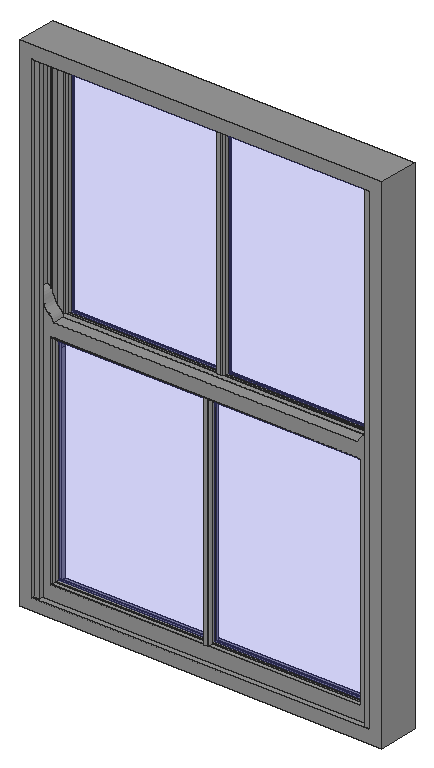
Revit family "HMEL5V", category Windows, host Wall, Revit 2015
Parameters (values of type "HMEL5V")
  Height = 1750 mm
  Default Lintel Height = 2100 mm
  Wall Closure = By host
  Width = 1250 mm
Reference planes
  plane 1 "Center (Front/Back)": y = 0
  plane 2 "Center (Left/Right)": x = 0
  plane 3 "Left": x = -625
  plane 4 "Right": x = 625
  plane 5 "Sill": z = 350
  plane 6 "Head": z = 2100
  plane 7 "Exterior": y = 100
  plane 8 "Interior": y = -100
  plane 9: y = -28.5
  plane 10: y = 23.5
  plane 11: z = 1225
  plane 12: z = 1253.5
  plane 13: z = 1196.5
Forms (mm)
  Sweep 1, solid, material "Lauan, Meranti"
    path origin (-10500, 23.5, 2100) x (0, 0, -1) y (-1, 0, 0)
      loop
        line (0, -11125) -> (1750, -11125) -> (1750, -9875) -> (0, -9875) -> (0, -11125)
    profile origin (0, 23.5, 2100) x (0, 0, 1) y (0, 1, 0)
      loop
        line (0, 46.5) -> (-42, 46.5) -> (-42, -93.5) -> (0, -93.5) -> (0, 46.5)
  Extrusion 2, solid, material "Lauan, Meranti"
    sketch origin (-10450, 7.5, 1687.5) x (0, 0, -1) y (-1, 0, 0)
      loop
        line (491, -10976) -> (491, -11033) -> (576, -11033)
        spline (576, -11033) -> (568.022, -11020.331) -> (558.494, -11013.581) -> (548.752, -11010.386) -> (540.116, -11008.399) -> (533.202, -11006.197) -> (527.644, -11003.636) -> (523.005, -11000.669) -> (518.783, -10997.149) -> (514.297, -10992.644) -> (508.83, -10986.691) -> (501.472, -10980.147) -> (491, -10976)
      loop
        spline (491, -9924) -> (501.472, -9919.853) -> (508.83, -9913.309) -> (514.297, -9907.356) -> (518.783, -9902.851) -> (523.005, -9899.331) -> (527.644, -9896.364) -> (533.202, -9893.803) -> (540.116, -9891.601) -> (548.752, -9889.614) -> (558.494, -9886.419) -> (568.022, -9879.669) -> (576, -9867)
        line (576, -9867) -> (491, -9867) -> (491, -9924)
    from 0 to 42
  Extrusion 3, solid, material "Lauan, Meranti"
    sketch origin (-10450, -49.5, 762.5) x (0, 0, 1) y (1, 0, 0)
      loop
        spline (491, 10976) -> (501.472, 10980.147) -> (508.83, 10986.691) -> (514.297, 10992.644) -> (518.783, 10997.149) -> (523.005, 11000.669) -> (527.644, 11003.636) -> (533.202, 11006.197) -> (540.116, 11008.399) -> (548.752, 11010.386) -> (558.494, 11013.581) -> (568.022, 11020.331) -> (576, 11033)
        line (576, 11033) -> (491, 11033) -> (491, 10976)
      loop
        line (491, 9924) -> (491, 9867) -> (576, 9867)
        spline (576, 9867) -> (568.022, 9879.669) -> (558.494, 9886.419) -> (548.752, 9889.614) -> (540.116, 9891.601) -> (533.202, 9893.803) -> (527.644, 9896.364) -> (523.005, 9899.331) -> (518.783, 9902.851) -> (514.297, 9907.356) -> (508.83, 9913.309) -> (501.472, 9919.853) -> (491, 9924)
    from 0 to 42
  Extrusion 4, solid, material "Lauan, Meranti"
    sketch origin (-350, 0, -425) x (0, -1, 0) y (0, 0, 1)
      loop
        line (7.5, 1678.5) -> (-7.5, 1678.5) -> (-7.5, 1659.5) -> (-4.5, 1659.5) -> (-4.5, 1656.5) -> (7.5, 1656.5) -> (7.5, 1672) -> (0.5, 1672) -> (0.5, 1675) -> (7.5, 1675) -> (7.5, 1678.5)
    from 211 to -911
  Sweep 5, solid, material "Lauan, Meranti"
    path origin (-10573.682, 31, 1966.635) x (0, 0, -1) y (-1, 0, 0)
      loop
        line (-91.365, -11156.682) -> (770.135, -11156.682) -> (770.135, -9990.682) -> (-91.365, -9990.682) -> (-91.365, -11156.682)
    profile origin (0, 31, 2058) x (0, 0, 1) y (0, 1, 0)
      loop
        line (-48, 18.5) -> (-48, -6.5) -> (-57, -6.5) -> (-57, -14.499) -> (-53.996, -14.499)
        arc (-53.996, -14.499) -> (-52.238, -18.744) -> (-47.994, -20.502) r 6.002
        line (-47.994, -20.502) -> (-47.994, -23.5) -> (0, -23.5) -> (0, 18.5) -> (-48, 18.5)
  Sweep 6, solid, material "Lauan, Meranti"
    path origin (-10580.679, 16, 1764.851) x (0, 0, -1) y (-1, 0, 0)
      loop
        line (511.351, -11163.679) -> (1372.851, -11163.679) -> (1372.851, -9997.679) -> (511.351, -9997.679) -> (511.351, -11163.679)
    profile origin (0, 16, 1253.5) x (0, 0, 1) y (0, 1, 0)
      loop
        line (0, -65.5) -> (0, -23.5) -> (-48, -23.5) -> (-48, -48.5) -> (-57, -48.5) -> (-57, -56.499) -> (-53.996, -56.499)
        arc (-53.996, -56.499) -> (-52.238, -60.744) -> (-47.994, -62.502) r 6.002
        line (-47.994, -62.502) -> (-47.994, -65.5) -> (0, -65.5)
  Extrusion 7, solid, material "Lauan, Meranti"
    sketch origin (0, -31, -878.798) x (1, 0, 0) y (0, 1, 0)
      loop
        line (-6.5, 23.5) -> (-6.5, -1.5) -> (-15.5, -1.5) -> (-15.5, -9.5) -> (-12.5, -9.5)
        arc (-12.5, -9.5) -> (-10.743, -13.743) -> (-6.5, -15.5) r 6
        line (-6.5, -15.5) -> (-6.5, -18.5) -> (6.5, -18.5) -> (6.5, -15.5)
        arc (6.5, -15.5) -> (10.743, -13.743) -> (12.5, -9.5) r 6
        line (12.5, -9.5) -> (15.5, -9.5) -> (15.5, -1.5) -> (6.5, -1.5) -> (6.5, 23.5) -> (-6.5, 23.5)
    from 1318.792 to 2084.304
  Extrusion 8, solid, material "Lauan, Meranti"
    sketch origin (0, 26, 224.162) x (1, 0, 0) y (0, 1, 0)
      loop
        line (-6.5, 23.5) -> (-6.5, -1.5) -> (-15.5, -1.5) -> (-15.5, -9.5) -> (-12.5, -9.5)
        arc (-12.5, -9.5) -> (-10.743, -13.743) -> (-6.5, -15.5) r 6
        line (-6.5, -15.5) -> (-6.5, -18.5) -> (6.5, -18.5) -> (6.5, -15.5)
        arc (6.5, -15.5) -> (10.743, -13.743) -> (12.5, -9.5) r 6
        line (12.5, -9.5) -> (15.5, -9.5) -> (15.5, -1.5) -> (6.5, -1.5) -> (6.5, 23.5) -> (-6.5, 23.5)
    from 1020.338 to 1785.838
  Extrusion 9, solid, material "Lauan, Meranti"
    sketch origin (-4.429, 187.242, 731.33) x (1, 0, 0) y (0, 1, 0)
      loop
        line (565.429, -194.742) -> (568.929, -194.742) -> (568.929, -187.742) -> (571.929, -187.742) -> (571.929, -194.742) -> (587.429, -194.742) -> (587.429, -182.742) -> (584.429, -182.742) -> (584.429, -179.742) -> (565.429, -179.742) -> (565.429, -194.742)
      loop
        line (565.429, -236.742) -> (565.429, -251.742) -> (584.429, -251.742) -> (584.429, -248.742) -> (587.429, -248.742) -> (587.429, -236.742) -> (571.929, -236.742) -> (571.929, -243.742) -> (568.929, -243.742) -> (568.929, -236.742) -> (565.429, -236.742)
      loop
        line (-556.571, -194.742) -> (-556.571, -179.742) -> (-575.571, -179.742) -> (-575.571, -182.742) -> (-578.571, -182.742) -> (-578.571, -194.742) -> (-563.071, -194.742) -> (-563.071, -187.742) -> (-560.071, -187.742) -> (-560.071, -194.742) -> (-556.571, -194.742)
      loop
        line (-556.571, -236.742) -> (-560.071, -236.742) -> (-560.071, -243.742) -> (-563.071, -243.742) -> (-563.071, -236.742) -> (-578.571, -236.742) -> (-578.571, -248.742) -> (-575.571, -248.742) -> (-575.571, -251.742) -> (-556.571, -251.742) -> (-556.571, -236.742)
    from -339.33 to 1326.67
  Sweep 10, solid, material "Lauan, Meranti"
    path origin (62.387, 92.5, -1011.794) x (1, 0, 0) y (0, 0, 1)
      loop
        line (472.613, 2217.3) -> (-55.887, 2217.3) -> (-55.887, 1451.787) -> (472.613, 1451.787) -> (472.613, 2217.3)
    profile origin (270.75, 92.5, 1205.506) x (0, 0, -1) y (0, -1, 0)
      loop
        arc (0, 110.6) -> (4.67, 112.234) -> (7, 116.6) r 6.807
        line (7, 116.6) -> (9, 116.6) -> (9, 118.6) -> (0, 118.6) -> (0, 110.6)
  Sweep 11, solid, material "Lauan, Meranti"
    path origin (-123.498, 107.5, -533.619) x (1, 0, 0) y (0, 0, 1)
      loop
        line (658.498, 2543.619) -> (129.998, 2543.619) -> (129.998, 1778.119) -> (658.498, 1778.119) -> (658.498, 2543.619)
    profile origin (270.75, 107.5, 2010) x (0, 0, -1) y (0, -1, 0)
      loop
        arc (0, 68.6) -> (4.67, 70.234) -> (7, 74.6) r 6.807
        line (7, 74.6) -> (9, 74.6) -> (9, 76.6) -> (0, 76.6) -> (0, 68.6)
  Extrusion 12, solid, material "Glass"
    sketch origin (-10784.413, -32.5, 1290.188) x (0, 0, -1) y (-1, 0, 0)
      loop
        line (84.682, -11319.42) -> (850.195, -11319.42) -> (850.195, -10790.913) -> (84.682, -10790.913) -> (84.682, -11319.42)
      loop
        line (84.682, -10777.913) -> (850.195, -10777.913) -> (850.195, -10249.407) -> (84.682, -10249.407) -> (84.682, -10777.913)
    from 0 to 6.4
  Extrusion 13, solid, material "Glass"
    sketch origin (-10707.76, 24.5, 1854.156) x (0, 0, -1) y (-1, 0, 0)
      loop
        line (-155.844, -11242.76) -> (609.656, -11242.76) -> (609.656, -10714.26) -> (-155.844, -10714.26) -> (-155.844, -11242.76)
      loop
        line (-155.844, -10701.26) -> (609.656, -10701.26) -> (609.656, -10172.76) -> (-155.844, -10172.76) -> (-155.844, -10701.26)
    from 0 to 6.4
  Sweep 14, solid, material "Lauan, Meranti"
    path origin (-62.387, 92.5, -1011.794) x (-1, 0, 0) y (0, 0, -1)
      loop
        line (472.613, -2217.3) -> (472.613, -1451.787) -> (-55.887, -1451.787) -> (-55.887, -2217.3) -> (472.613, -2217.3)
    profile origin (-270.75, 92.5, 1205.506) x (0, 0, 1) y (0, -1, 0)
      loop
        line (0, 110.6) -> (0, 118.6) -> (-9, 118.6) -> (-9, 116.6) -> (-7, 116.6)
        arc (-7, 116.6) -> (-4.67, 112.234) -> (0, 110.6) r 6.807
  Sweep 15, solid, material "Lauan, Meranti"
    path origin (123.498, 107.5, -533.619) x (-1, 0, 0) y (0, 0, -1)
      loop
        line (658.498, -2543.619) -> (658.498, -1778.119) -> (129.998, -1778.119) -> (129.998, -2543.619) -> (658.498, -2543.619)
    profile origin (-270.75, 107.5, 2010) x (0, 0, 1) y (0, -1, 0)
      loop
        line (0, 68.6) -> (0, 76.6) -> (-9, 76.6) -> (-9, 74.6) -> (-7, 74.6)
        arc (-7, 74.6) -> (-4.67, 70.234) -> (0, 68.6) r 6.807
Cuts and joins
  joined: Extrusion 2, Sweep 5
  joined: Extrusion 3, Sweep 6
Lines and regions (mm)
  Opening 1
    outline origin (3500, -100, 0) x (1, 0, 0) y (0, 0, 1)
      loop
        line (-2875, 350) -> (-2875, 2100) -> (-4125, 2100) -> (-4125, 350) -> (-2875, 350)
  model lines
    curve 1: line (583, 49.5, 2058) -> (0, 49.5, 1196.5)
    curve 2: line (-583, 49.5, 2058) -> (0, 49.5, 1196.5)
    curve 3: line (-313.25, -7.5, 557.422) -> (-313.25, -7.5, 957.422)
    curve 4: line (-313.25, -7.5, 1096.5) -> (-257.059, -7.5, 957.422)
    curve 5: line (-257.059, -7.5, 957.422) -> (-369.441, -7.5, 957.422)
    curve 6: line (-313.25, -7.5, 1096.5) -> (-369.441, -7.5, 957.422)
Text (mm)
  text "EXTERIOR" at (-1963.203, 1332.353, 0), in view "Ref. Level"
  text "INTERIOR" at (-1981.466, -818.386, 0), in view "Ref. Level"
  text "Exterior" at (0, 923.751, 2943.296), in view "Right"
  text "Exterior" at (0, 1040.484, 2685.409), in view "Left"
Dimensions and locks
  equal spacing: plane 3 "Left", plane 2 "Center (Left/Right)", plane 4 "Right"
  "Width": plane 3 "Left" to plane 4 "Right"
  "Height": plane 5 "Sill" to plane 6 "Head"
  "Default Lintel Height": plane 6 "Head" to level
  locked: plane 7 "Exterior" to host wall at 0
  locked: plane 8 "Interior" to host wall
  locked: plane 10 to plane 9 at 52
  plane 3 "Left" to plane 4 "Right" = 1250 mm
  aligned and locked: Sweep 1 sketch curve to host wall  (x4)
  aligned and locked: Sweep 6 sketch curve to Sweep 1  (x2)
  aligned and locked: Sweep 6 sketch curve to plane 12
  aligned and locked: Sweep 1 to Sweep 6 sketch curve
  aligned and locked: Extrusion 9 to Sweep 1  (x2)
  aligned and locked: Extrusion 7 to Sweep 6  (x2)
  aligned and locked: Extrusion 12 sketch curve to Extrusion 12 sketch curve  (x2)
  aligned and locked: Sweep 10 sketch curve to Sweep 6  (x3)
  aligned and locked: Sweep 10 sketch curve to Extrusion 7
  aligned and locked: Extrusion 12 to Sweep 6  (x4)
  aligned and locked: Extrusion 12 to Extrusion 7  (x2)
  aligned and locked: Sweep 5 sketch curve to plane 13
  aligned and locked: Sweep 1 to Sweep 5 sketch curve
  aligned and locked: Sweep 5 sketch curve to Sweep 1  (x2)
  aligned and locked: Extrusion 8 to Sweep 5  (x2)
  aligned and locked: Sweep 11 sketch curve to Sweep 5  (x3)
  aligned and locked: Sweep 11 sketch curve to Extrusion 8
  aligned and locked: Extrusion 13 to Sweep 5  (x3)
  aligned and locked: Extrusion 13 sketch curve to Extrusion 13 sketch curve
  aligned and locked: Extrusion 13 sketch curve to Sweep 5  (x2)
  aligned and locked: Extrusion 13 sketch curve to Extrusion 8  (x2)
Automatic sketch dimensions
  plane 3 "Left" to Opening 1 sketch curve = 0 mm
  plane 4 "Right" to Opening 1 sketch curve = 0 mm
  Opening 1 sketch curve to plane 5 "Sill" = 0 mm
  Opening 1 sketch curve to plane 6 "Head" = 0 mm
  profile plane to Sweep 1 sketch curve = 0 mm
  profile plane to Sweep 1 sketch curve = 42 mm
  Sweep 1 sketch curve to plane 10 = 93.5 mm
  plane 10 to Sweep 1 sketch curve = 46.5 mm
  plane 2 "Center (Left/Right)" to curve 1 = 0 mm
  curve 1 to plane 13 = 0 mm
  curve 2 to plane 3 "Left" = 42 mm
  plane 4 "Right" to curve 1 = 42 mm
  plane 6 "Head" to curve 2 = 42 mm
  plane 6 "Head" to curve 1 = 42 mm
  plane 13 to curve 4 = 100 mm
  curve 4 to curve 4 = 139.078 mm
  curve 6 to plane 3 "Left" = 255.559 mm
  curve 5 to curve 4 = 56.191 mm
  curve 5 to curve 5 = 112.382 mm
  curve 3 to plane 5 "Sill" = 207.422 mm
  curve 3 to curve 4 = 56.191 mm
  Extrusion 2 sketch curve to plane 13 = 0 mm  (x2)
  Extrusion 2 sketch curve to plane 3 "Left" = 42 mm
  Extrusion 2 sketch curve to Extrusion 2 sketch curve = 85 mm  (x2)
  plane 4 "Right" to Extrusion 2 sketch curve = 42 mm
  Extrusion 2 sketch curve to Extrusion 2 sketch curve = 57 mm  (x2)
  Extrusion 3 sketch curve to plane 12 = 0 mm  (x2)
  Extrusion 3 sketch curve to plane 3 "Left" = 42 mm
  plane 12 to Extrusion 3 sketch curve = 85 mm  (x2)
  plane 4 "Right" to Extrusion 3 sketch curve = 42 mm
  Extrusion 3 sketch curve to Extrusion 3 sketch curve = 57 mm  (x2)
  Extrusion 4 sketch curve to plane 12 = 0 mm
  Extrusion 4 sketch curve to host wall = 7.5 mm
  Extrusion 4 sketch curve to Extrusion 4 sketch curve = 3 mm  (x2)
  host wall to Extrusion 4 sketch curve = 0.5 mm
  Extrusion 4 sketch curve to Extrusion 4 sketch curve = 7 mm
  host wall to Extrusion 4 sketch curve = 7.5 mm
  Extrusion 4 sketch curve to plane 12 = 3.5 mm
  plane 11 to Extrusion 4 sketch curve = 9.5 mm
  plane 11 to Extrusion 4 sketch curve = 6.5 mm
  profile plane to Sweep 5 sketch curve = 0 mm
  Sweep 5 sketch curve to profile plane = 23.5 mm
  profile plane to Sweep 5 sketch curve = 47.994 mm
  Sweep 5 sketch curve to Sweep 5 sketch curve = 0.006 mm
  Sweep 5 sketch curve to Sweep 5 sketch curve = 6.002 mm
  Sweep 5 sketch curve to Sweep 5 sketch curve = 3.004 mm
  Sweep 5 sketch curve to Sweep 5 sketch curve = 2.998 mm
  Sweep 5 sketch curve to profile plane = 6.5 mm
  profile plane to Sweep 5 sketch curve = 18.5 mm
  profile plane to Sweep 6 sketch curve = 0 mm
  profile plane to Sweep 6 sketch curve = 47.994 mm
  Sweep 6 sketch curve to Sweep 6 sketch curve = 0.006 mm
  Sweep 6 sketch curve to Sweep 6 sketch curve = 6.002 mm
  Sweep 6 sketch curve to Sweep 6 sketch curve = 3.004 mm
  Sweep 6 sketch curve to profile plane = 65.5 mm
  Sweep 6 sketch curve to Sweep 6 sketch curve = 2.998 mm
  Sweep 6 sketch curve to Sweep 6 sketch curve = 7.999 mm
  Sweep 6 sketch curve to profile plane = 23.5 mm
  plane 2 "Center (Left/Right)" to Extrusion 7 sketch curve = 15.5 mm
  Extrusion 7 sketch curve to Extrusion 7 sketch curve = 3 mm  (x3)
  plane 2 "Center (Left/Right)" to Extrusion 7 sketch curve = 6.5 mm  (x2)
  Extrusion 7 sketch curve to plane 2 "Center (Left/Right)" = 6.5 mm  (x2)
  Extrusion 7 sketch curve to Extrusion 7 sketch curve = 6 mm
  Extrusion 7 sketch curve to plane 9 = 4 mm  (x2)
  Extrusion 7 sketch curve to Extrusion 7 sketch curve = 8 mm
  Extrusion 7 sketch curve to plane 9 = 12 mm
  host wall to Extrusion 7 sketch curve = 7.5 mm
  Extrusion 8 sketch curve to plane 10 = 7 mm
  plane 2 "Center (Left/Right)" to Extrusion 8 sketch curve = 15.5 mm
  Extrusion 8 sketch curve to Extrusion 8 sketch curve = 3 mm  (x3)
  plane 10 to Extrusion 8 sketch curve = 1 mm  (x2)
  plane 2 "Center (Left/Right)" to Extrusion 8 sketch curve = 6.5 mm  (x2)
  Extrusion 8 sketch curve to plane 2 "Center (Left/Right)" = 6.5 mm  (x2)
  Extrusion 8 sketch curve to Extrusion 8 sketch curve = 6 mm
  Extrusion 8 sketch curve to host wall = 10.5 mm
  Extrusion 8 sketch curve to Extrusion 8 sketch curve = 25 mm
  Extrusion 9 sketch curve to plane 3 "Left" = 42 mm  (x2)
  host wall to Extrusion 9 sketch curve = 7.5 mm  (x2)
  Extrusion 9 sketch curve to Extrusion 9 sketch curve = 3 mm  (x11)
  Extrusion 9 sketch curve to Extrusion 9 sketch curve = 15.5 mm  (x2)
  host wall to Extrusion 9 sketch curve = 0.5 mm  (x2)
  Extrusion 9 sketch curve to Extrusion 9 sketch curve = 3.5 mm  (x4)
  plane 4 "Right" to Extrusion 9 sketch curve = 64 mm
  Extrusion 9 sketch curve to plane 9 = 21 mm
  Extrusion 9 sketch curve to Extrusion 9 sketch curve = 0 mm  (x4)
  Extrusion 9 sketch curve to Extrusion 9 sketch curve = 12.5 mm  (x2)
  Extrusion 9 sketch curve to host wall = 4.5 mm  (x2)
  Extrusion 9 sketch curve to Extrusion 9 sketch curve = 7 mm  (x2)
  Extrusion 9 sketch curve to plane 9 = 28 mm
  Extrusion 9 sketch curve to Extrusion 9 sketch curve = 5 mm  (x2)
  Extrusion 9 sketch curve to Extrusion 9 sketch curve = 12 mm
  Extrusion 9 sketch curve to host wall = 7.5 mm
  Sweep 10 sketch curve to profile plane = 0 mm
  Sweep 10 sketch curve to profile plane = 0.241 mm
  Sweep 10 sketch curve to Sweep 10 sketch curve = 6.759 mm
  Sweep 10 sketch curve to Sweep 10 sketch curve = 2 mm  (x2)
  profile plane to Sweep 10 sketch curve = 110.6 mm
  Sweep 10 sketch curve to Sweep 10 sketch curve = 6 mm
  Sweep 11 sketch curve to profile plane = 0 mm
  Sweep 11 sketch curve to profile plane = 0.241 mm
  Sweep 11 sketch curve to Sweep 11 sketch curve = 6.759 mm
  Sweep 11 sketch curve to Sweep 11 sketch curve = 2 mm  (x2)
  profile plane to Sweep 11 sketch curve = 68.6 mm
  Sweep 11 sketch curve to Sweep 11 sketch curve = 6 mm
  plane 2 "Center (Left/Right)" to Sweep 14 sketch curve = 6.5 mm
  Sweep 14 sketch curve to plane 3 "Left" = 90 mm
  Sweep 14 sketch curve to plane 13 = 9.006 mm
  Sweep 14 sketch curve to plane 5 "Sill" = 89.994 mm
  profile plane to Sweep 14 sketch curve = 0 mm
  profile plane to Sweep 14 sketch curve = 0.241 mm
  Sweep 14 sketch curve to Sweep 14 sketch curve = 6.759 mm
  Sweep 14 sketch curve to Sweep 14 sketch curve = 2 mm  (x2)
  profile plane to Sweep 14 sketch curve = 110.6 mm
  Sweep 14 sketch curve to Sweep 14 sketch curve = 6 mm
  plane 2 "Center (Left/Right)" to Sweep 15 sketch curve = 6.5 mm
  Sweep 15 sketch curve to plane 12 = 9 mm
  Sweep 15 sketch curve to plane 3 "Left" = 90 mm
  plane 6 "Head" to Sweep 15 sketch curve = 90 mm
  profile plane to Sweep 15 sketch curve = 0 mm
  profile plane to Sweep 15 sketch curve = 0.241 mm
  Sweep 15 sketch curve to Sweep 15 sketch curve = 6.759 mm
  Sweep 15 sketch curve to Sweep 15 sketch curve = 2 mm  (x2)
  profile plane to Sweep 15 sketch curve = 68.6 mm
  Sweep 15 sketch curve to Sweep 15 sketch curve = 6 mm
  plane 6 "Head" to Extrusion 13 sketch curve = 90 mm  (x2)
  Extrusion 13 sketch curve to plane 12 = 9 mm
  Extrusion 12 sketch curve to plane 13 = 9.006 mm
  Extrusion 12 sketch curve to plane 5 "Sill" = 89.994 mm
  plane 4 "Right" to Extrusion 12 sketch curve = 89.994 mm
  Extrusion 12 sketch curve to plane 2 "Center (Left/Right)" = 6.5 mm
  plane 2 "Center (Left/Right)" to Extrusion 12 sketch curve = 6.5 mm
  Extrusion 12 sketch curve to plane 3 "Left" = 89.994 mm
